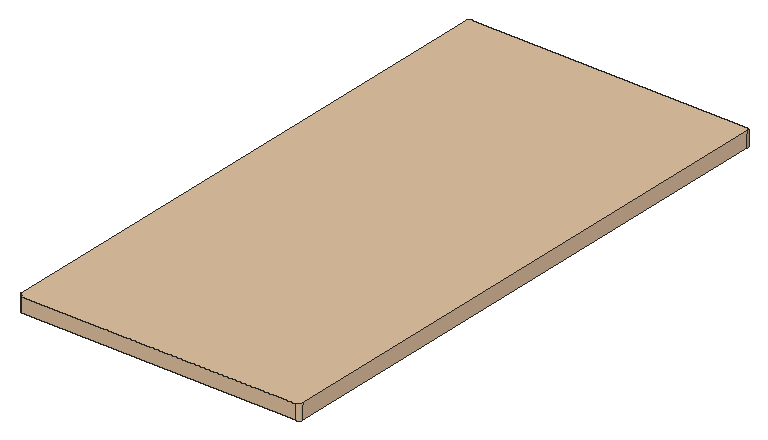
Revit family "FU_Table_LAPSE 0440MA", category Furniture, Revit 2020
Family settings
  OmniClass Number = 23.40.20.00
  OmniClass Title = General Furniture and Specialties
  Work Plane-Based = No
  Always vertical = Yes
  Cut with Voids When Loaded = No
  Shared = No
  Room Calculation Point = No
Parameters (values of type "LAPSE 0440MA")
  Width = 360 mm
  URL = "https://www.sandlerseating.com/product/lapse-0440ma/"
  Top Finish [instance] = Wood - Oak - Natural - V
  Model = "LAPSE 0440MA"
  Manufacturer = "Sandler"
  Elevation = 359 mm
  Description = "Table top in Oak veneer or lacquered MDF. Optional USB charging devices, wireless charging devices or double outlet extensions can be fitted to the unit."
  Depth = 720 mm
  Default Elevation = 0 mm
Reference planes
  plane 1 "Center (Front/Back)": y = 0
  plane 2: z = 0
  plane 3 "Center (Left/Right)": x = 0
  plane 4 "Right": x = -180
  plane 5 "Left": x = 180
  plane 6 "Back": y = 360
  plane 7 "Front": y = -360
  plane 8 "Height": z = 359
  plane 9 "Table base": z = 340
Forms (mm)
  Extrusion 1, solid, material "Wood - Oak - Natural - V" <- "Top Finish"
    sketch origin (0, 0, 321) x (-1, 0, 0) y (0, -1, 0)
      loop
        arc (175, -360) -> (178.536, -358.536) -> (180, -355) r 5
        line (180, -355) -> (180, 355)
        arc (180, 355) -> (178.536, 358.536) -> (175, 360) r 5
        line (175, 360) -> (-175, 360)
        arc (-175, 360) -> (-178.536, 358.536) -> (-180, 355) r 5
        line (-180, 355) -> (-180, -355)
        arc (-180, -355) -> (-178.536, -358.536) -> (-175, -360) r 5
        line (-175, -360) -> (175, -360)
    from 19 to 38
Dimensions and locks
  equal spacing: plane 4 "Right", plane 3 "Center (Left/Right)", plane 5 "Left"
  "Width": plane 4 "Right" to plane 5 "Left"
  equal spacing: plane 6 "Back", plane 1 "Center (Front/Back)", plane 7 "Front"
  "Depth": plane 6 "Back" to plane 7 "Front"
  "Elevation": plane 8 "Height" to level
  locked: plane 8 "Height" to plane 9 "Table base" at 19
  aligned and locked: level to plane 2
  aligned and locked: plane 8 "Height" to Extrusion 1
  aligned and locked: Extrusion 1 to plane 9 "Table base"
Automatic sketch dimensions
  Extrusion 1 sketch curve to plane 5 "Left" = 0 mm
  Extrusion 1 sketch curve to plane 6 "Back" = 0 mm
  Extrusion 1 sketch curve to plane 7 "Front" = 0 mm
  Extrusion 1 sketch curve to plane 4 "Right" = 0 mm
  Extrusion 1 sketch curve to Extrusion 1 sketch curve = 5 mm
  plane 5 "Left" to Extrusion 1 sketch curve = 5 mm
  Extrusion 1 sketch curve to plane 4 "Right" = 5 mm  (x2)
